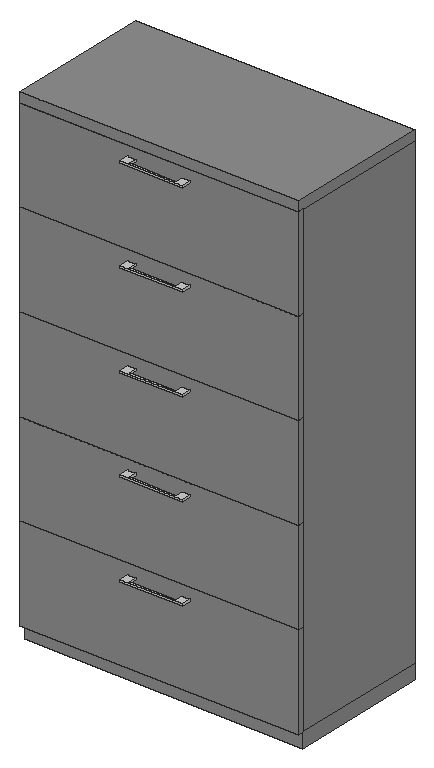
Revit family "Haworth_XSeries_LateralFile", category Furniture Systems, Revit 2018
Family settings
  Round Connector Dimension = Use Diameter
  Part Type = Normal
  OmniClass Number = 23.40.70.14.64.21
  OmniClass Title = Systems Furniture
  Work Plane-Based = No
  Always vertical = Yes
  Cut with Voids When Loaded = No
  Shared = No
  Room Calculation Point = No
Parameters (values of type "18d 36w 63h - Proud Style - Standard Drawer")
  Width = 36"
  Warranty = "http://www.haworth.com/resources/product-info/warranties"
  URL - Product = "https://www.haworth.com/na/en/products/active-storage/x-series.html"
  URL = "http://www.haworth.com/"
  Two High = and(Actual # of Drawers = 2, not(One and One Half High))  # no
  Taper Pull = no
  Swing Doors_5 High Only = no
  Swing Door Width = Drawer Width / 2  # 17 15/16"
  Swing Door = and(Swing Doors_5 High Only, # of Drawers > 4)  # no
  Sustainability Info = "https://www.haworth.com/na/en/expertise/sustainability.html"
  Sliding Doors_5 High Only = no
  Sliding Door = and(Sliding Doors_5 High Only, # of Drawers > 4)  # no
  Size = "Verify Final Dim. w/ Haworth"  # constant formula
  Second Drawer Height = if(not(Drawer 5), (Cabinet Height - 1 1/4" - 1 7/8") / (Actual # of Drawers + 1), if(One and One Half High Actual, 6", (Cabinet Height - 1 1/4" - 1 7/8") / (Actual # of Drawers)))  # 12.075"
  Revision Number = "5"  # constant formula
  Receding Doors_5 High Only = no
  Receding Door = and(Receding Doors_5 High Only, # of Drawers > 4)  # no
  Radius Pull = no
  Pull Finish = Haworth _ Metal _ Brushed Aluminum
  Pull Classic = no
  Proud Style = not(Inset Style)  # yes
  Proud Offset = if(Proud Style, 3/4", 0")  # 3/4"
  One and One Half High Actual = and(# of Drawers = 2, One and One Half High)  # no
  One and One Half High = no
  Model = "JLRD"  # constant formula
  Min. Width = 29 7/8"  # constant formula
  Max. Width = 47 7/8"  # constant formula
  Min. Height = 27 1/2"  # constant formula
  Max. Height = 63 1/2"  # constant formula
  Manufacturer = "Haworth"  # constant formula
  Lockbar Finish [instance] = Haworth _ Paint _ Graphite
  Linear Pull = yes
  J Pull = no
  Integral Pull = no
  Inset Style = no
  Front Finish [instance] = Haworth _ Paint _ Graphite
  Ellipse Pull = not(or(Taper Pull, Radius Pull, Linear Pull, Crescent Pull, Pull Classic, J Pull, Integral Pull))  # no
  Drawer Width = if(Proud Style, Actual Width, Actual Width - 1 1/2")  # 35 7/8"
  Drawer Height = if(not(Drawer 5), (Cabinet Height - 1 1/4" - 1 7/8") / (Actual # of Drawers + 1), if(One and One Half High Actual, 12 3/16", (Cabinet Height - 1 1/4" - 1 7/8") / (Actual # of Drawers)))  # 12.075"
  Drawer 5 = not(and(or(Swing Doors_5 High Only, Sliding Doors_5 High Only, Receding Doors_5 High Only), # of Drawers > 4))  # yes
  Drawer 4 = Actual # of Drawers > 3  # yes
  Drawer 3 = Actual # of Drawers > 2  # yes
  Description = "Haworth XSeries Lateral File"  # constant formula
  Custom Size = not(or(Width = 30", Width = 36", Width = 42"))  # no
  Crescent Pull = no
  Cabinet Height = if(Two High, 27 1/2", if(One and One Half High Actual, 21 1/2", if(Actual # of Drawers = 3, 39 1/2", if(and(# of Drawers > 4, not(Drawer 5)), 63 1/2", if(Actual # of Drawers = 4, 51 1/2", 63 1/2")))))  # 63 1/2"
  Cabinet Finish [instance] = Haworth _ Paint _ Graphite
  Author = "Haworth (Hampton), SHAPE Environments, LLC"  # constant formula
  Assembly Code = "E2020200"
  Actual Width = if(Width < Min. Width, Min. Width, if(Width > Max. Width, Max. Width, Width - 1/8"))  # 35 7/8"
  Actual Height = Cabinet Height  # 63 1/2"
  Actual # of Drawers = if(# of Drawers < 2, 2, if(and(# of Drawers > 4, not(Drawer 5)), 4, if(# of Drawers > 5, 5, # of Drawers)))  # 5
  Actual Depth = if(Inset Style, 18", 18 3/4")  # 18 3/4"
  Standard Widths = "30, 36, 42 in."  # constant formula
  Max # of Drawers = 5  # constant formula
  # of Drawers = 5
Types (11): name | Two High | Swing Doors_5 High Only | Swing Door Width | Swing Door | Sliding Doors_5 High Only | Sliding Door | Second Drawer Height | Receding Doors_5 High Only | Receding Door | Proud Style | Proud Offset | Inset Style | Drawer Width | Drawer Height | Drawer 5 | Drawer 4 | Drawer 3 | Cabinet Height | Actual Height | Actual # of Drawers | Actual Depth | # of Drawers
  18d 36w 51h - Inset Style | no | no | 17 3/16" | no | no | no | 12 3/32" | no | no | no | 0" | yes | 34 3/8" | 12 3/32" | yes | yes | yes | 51 1/2" | 51 1/2" | 4 | 18" | 4
  18d 36w 39h - Inset Style | no | no | 17 3/16" | no | no | no | 12 1/8" | no | no | no | 0" | yes | 34 3/8" | 12 1/8" | yes | no | yes | 39 1/2" | 39 1/2" | 3 | 18" | 3
  18d 36w 27h - Inset Style | yes | no | 17 3/16" | no | no | no | 12 3/16" | no | no | no | 0" | yes | 34 3/8" | 12 3/16" | yes | no | no | 27 1/2" | 27 1/2" | 2 | 18" | 2
  18d 36w 63h - Inset Style - Standard Drawer | no | no | 17 3/16" | no | no | no | 12.075" | no | no | no | 0" | yes | 34 3/8" | 12.075" | yes | yes | yes | 63 1/2" | 63 1/2" | 5 | 18" | 5
  18d 36w 63h - Inset Style - Receding Door | no | no | 17 3/16" | no | no | no | 12.075" | yes | yes | no | 0" | yes | 34 3/8" | 12.075" | no | yes | yes | 63 1/2" | 63 1/2" | 4 | 18" | 5
  18d 36w 63h - Inset Style - Sliding Doors | no | no | 17 3/16" | no | yes | yes | 12.075" | no | no | no | 0" | yes | 34 3/8" | 12.075" | no | yes | yes | 63 1/2" | 63 1/2" | 4 | 18" | 5
  18d 36w 27h - Proud Style | yes | no | 17 15/16" | no | no | no | 12 3/16" | no | no | yes | 3/4" | no | 35 7/8" | 12 3/16" | yes | no | no | 27 1/2" | 27 1/2" | 2 | 18 3/4" | 2
  18d 36w 39h - Proud Style | no | no | 17 15/16" | no | no | no | 12 1/8" | no | no | yes | 3/4" | no | 35 7/8" | 12 1/8" | yes | no | yes | 39 1/2" | 39 1/2" | 3 | 18 3/4" | 3
  18d 36w 51h - Proud Style | no | no | 17 15/16" | no | no | no | 12 3/32" | no | no | yes | 3/4" | no | 35 7/8" | 12 3/32" | yes | yes | yes | 51 1/2" | 51 1/2" | 4 | 18 3/4" | 4
  18d 36w 63h - Proud Style - Standard Drawer | no | no | 17 15/16" | no | no | no | 12.075" | no | no | yes | 3/4" | no | 35 7/8" | 12.075" | yes | yes | yes | 63 1/2" | 63 1/2" | 5 | 18 3/4" | 5
  18d 36w 63h - Proud Style - Hinged Doors | no | yes | 17 15/16" | yes | no | no | 12.075" | no | no | yes | 3/4" | no | 35 7/8" | 12.075" | no | yes | yes | 63 1/2" | 63 1/2" | 4 | 18 3/4" | 5
Reference planes (in)
  plane 1 "Back": y = 0
  plane 2: z = 0
  plane 3 "Center L/R": x = 0
  plane 4 "Left": x = -17.9375
  plane 5 "Right": x = 17.9375
  plane 6 "Back of Drawer": y = -18
  plane 7 "Front": y = -18.75
  plane 8 "Top": z = 63.5
  plane 9 "Bottom of Top": z = 62.25
  plane 10 "Bottom of Cabinet": z = 0
  plane 11 "feet back": y = -0.75
  plane 12 "feet front": y = -16
  plane 13 "Feet Right": x = 15.9375
  plane 14 "Feet Left": x = -15.9375
  plane 15 "Bottom Drawer": z = 1.875
  plane 16 "Left Inside": x = -17.1875
  plane 17 "Right Inside": x = 17.1875
  plane 18: y = -18
  plane 19 "Center F/B": y = -9
Forms (in)
  Extrusion 1, solid, material "Haworth _ Paint _ Graphite" <- "Cabinet Finish"
    sketch origin (114.68227, -6.06265, 0) x (1, 0, 0) y (0, 1, 0)
      loop
        line (-132.61977, 6.06265) -> (-132.61977, -11.93735) -> (-131.86977, -11.93735) -> (-131.86977, 5.31265) -> (-97.49477, 5.31265) -> (-97.49477, -11.93735) -> (-96.74477, -11.93735) -> (-96.74477, 6.06265) -> (-132.61977, 6.06265)
    from 1.875 to 62.25
  Extrusion 2, solid, material "Haworth _ Paint _ Graphite" <- "Cabinet Finish"
    sketch origin (0, 0, 0) x (1, 0, 0) y (0, 1, 0)
      loop
        line (-17.9375, 0) -> (-17.9375, -18.75) -> (17.9375, -18.75) -> (17.9375, 0) -> (-17.9375, 0)
    from 62.25 to 63.5
  Extrusion 3, solid, material "Haworth _ Paint _ Graphite" <- "Cabinet Finish"
    sketch origin (0, 0, -18.75) x (1, 0, 0) y (0, 1, 0)
      loop
        line (-17.9375, 0) -> (-17.9375, -18) -> (17.9375, -18) -> (17.9375, 0) -> (-17.9375, 0)
    from 18.75 to 20.625
Lines and regions (in)
  Masking region 1
    outline origin (0, 0, 0) x (1, 0, 0) y (0, 1, 0)
      loop
        line (-17.9375, 0) -> (-17.9375, -18.75) -> (17.9375, -18.75) -> (17.9375, 0) -> (-17.9375, 0)
Dimensions and locks (in)
  locked: plane 6 "Back of Drawer" to plane 7 "Front" at 0.75
  "Actual Depth": plane 1 "Back" to plane 7 "Front"
  "Actual Width": plane 4 "Left" to plane 5 "Right"
  locked: plane 8 "Top" to plane 9 "Bottom of Top" at 1.25
  equal spacing: plane 4 "Left", plane 3 "Center L/R", plane 5 "Right"
  locked: plane 13 "Feet Right" to plane 5 "Right" at 2
  locked: plane 4 "Left" to plane 14 "Feet Left" at 2
  locked: plane 12 "feet front" to plane 6 "Back of Drawer" at 2
  locked: plane 1 "Back" to plane 11 "feet back" at 0.75
  locked: plane 15 "Bottom Drawer" to plane 10 "Bottom of Cabinet" at 1.875
  "Actual Height": plane 8 "Top" to level
  "Cabinet Height": plane 8 "Top" to plane 10 "Bottom of Cabinet"
  locked: plane 16 "Left Inside" to plane 4 "Left" at 0.75
  locked: plane 5 "Right" to plane 17 "Right Inside" at 0.75
  "Proud Offset": plane 18 to plane 7 "Front"
  equal spacing: plane 18, plane 19 "Center F/B", plane 1 "Back"
  aligned and locked: plane 1 "Back" to Extrusion 1 sketch curve
  aligned and locked: Extrusion 1 to plane 4 "Left"
  aligned and locked: Extrusion 1 to plane 5 "Right"
  aligned and locked: plane 9 "Bottom of Top" to Extrusion 1
  aligned and locked: plane 4 "Left" to Extrusion 2 sketch curve
  aligned and locked: plane 1 "Back" to Extrusion 2 sketch curve
  aligned and locked: plane 5 "Right" to Extrusion 2 sketch curve
  aligned and locked: plane 7 "Front" to Extrusion 2 sketch curve
  aligned and locked: plane 8 "Top" to Extrusion 2
  aligned and locked: Extrusion 2 to plane 9 "Bottom of Top"
  aligned and locked: plane 3 "Center L/R" to nested 1
  aligned and locked: nested 1 to plane 6 "Back of Drawer"
  aligned and locked: level to plane 2
  aligned and locked: plane 15 "Bottom Drawer" to nested 1
  aligned and locked: plane 5 "Right" to Extrusion 1 sketch curve
  aligned and locked: plane 4 "Left" to Extrusion 1 sketch curve
  aligned and locked: Extrusion 1 sketch curve to plane 18  (x2)
  aligned and locked: Extrusion 1 sketch curve to plane 16 "Left Inside"
  aligned and locked: Extrusion 1 sketch curve to plane 17 "Right Inside"
  aligned and locked: Extrusion 1 to plane 15 "Bottom Drawer"
  aligned and locked: plane 10 "Bottom of Cabinet" to Extrusion 3
  aligned and locked: plane 15 "Bottom Drawer" to Extrusion 3
  aligned and locked: plane 4 "Left" to Extrusion 3 sketch curve
  aligned and locked: plane 5 "Right" to Extrusion 3 sketch curve
  aligned and locked: plane 6 "Back of Drawer" to Extrusion 3 sketch curve
  aligned and locked: plane 1 "Back" to Extrusion 3 sketch curve
  aligned and locked: Masking region 1 sketch curve to Extrusion 2  (x2)
  aligned and locked: Extrusion 2 to Masking region 1 sketch curve
  aligned and locked: nested 1 to nested 2
  aligned and locked: nested 3 to plane 6 "Back of Drawer"
  aligned and locked: plane 9 "Bottom of Top" to nested 3
  aligned: plane 3 "Center L/R" to nested 3
  aligned and locked: nested 3 to plane 3 "Center L/R"
  aligned and locked: nested 4 to plane 9 "Bottom of Top"
  aligned and locked: nested 4 to plane 3 "Center L/R"
  aligned and locked: plane 9 "Bottom of Top" to nested 5
  aligned and locked: plane 3 "Center L/R" to nested 5
  aligned and locked: plane 6 "Back of Drawer" to nested 5
  aligned and locked: plane 3 "Center L/R" to nested 6
  aligned and locked: plane 9 "Bottom of Top" to nested 6
  aligned and locked: Extrusion 1 to plane 11 "feet back"
  aligned and locked: plane 3 "Center L/R" to nested 7
  aligned and locked: plane 3 "Center L/R" to nested 2
  aligned and locked: plane 3 "Center L/R" to nested 8
  aligned and locked: nested 8 to plane 7 "Front"
  aligned and locked: nested 7 to plane 7 "Front"
  aligned and locked: nested 2 to plane 7 "Front"
  aligned and locked: nested 6 to plane 7 "Front"
  aligned and locked: plane 7 "Front" to nested 4
  aligned and locked: plane 3 "Center L/R" to nested 9
  aligned and locked: plane 9 "Bottom of Top" to nested 9
  aligned and locked: nested 9 to plane 7 "Front"
Automatic sketch dimensions
  plane 1 "Back" to Extrusion 1 sketch curve = 3/4"
  plane 1 "Back" to Masking region 1 sketch curve = 0"
Nested families (in)
  nested 1: "Haworth_Drawer" at (0, -18, 1.875), Drawer Height <- "Drawer Height", type "Haworth_Drawer"
    with J Pull Drawer no, Drawer Height 12.075", Pull Linear yes, Pull Height 1 7/16", Pull Ellipse no, Drawer Width 35 7/8"
  nested 2: "Haworth_Drawer" at (0, -18, 13.95), Drawer Height <- "Second Drawer Height", type "Haworth_Drawer 2"
    with J Pull Drawer no, Drawer Height 12.075", Pull Linear yes, Pull Height 1 7/16", Pull Ellipse no, Drawer Width 35 7/8"
  nested 3: "Haworth_Drawer" at (-8.96875, -18, 50.175), Drawer Height <- "Drawer Height", visible <- "Swing Door", type "Swing Doors"
    with J Pull Drawer no, Drawer Height 12.075", Pull Linear yes, Pull Height 1 7/16", Pull Ellipse no, Drawer Width 17 15/16"
  nested 4: "Haworth_Drawer" at (8.96875, -18, 50.175) x (-1, 0, 0) z (0, 0, 1), Drawer Height <- "Drawer Height", visible <- "Swing Door", type "Swing Doors"
    with J Pull Drawer no, Drawer Height 12.075", Pull Linear yes, Pull Height 1 7/16", Pull Ellipse no, Drawer Width 17 15/16"
  nested 5: "Haworth_Storage-Doors" at (-2.20902, -19.25, 50.175), visible <- "Sliding Door", type "Haworth_Storage-Doors"
    with Door Width 18 7/16", Actual Width 35 7/8", Actual Height 12.075"
  nested 6: "Haworth_Drawer-Receding" at (0, -18, 50.175), Drawer Height <- "Second Drawer Height", visible <- "Receding Door", type "Haworth_Drawer"
    with J Pull Drawer no, Drawer Height 12.075", J Pull no, Drawer Width 35 7/8", Flush Drawer yes
  nested 7: "Haworth_Drawer" at (0, -18, 26.025), Drawer Height <- "Drawer Height", visible <- "Drawer 3", type "Haworth_Drawer"
    with J Pull Drawer no, Drawer Height 12.075", Pull Linear yes, Pull Height 1 7/16", Pull Ellipse no, Drawer Width 35 7/8"
  nested 8: "Haworth_Drawer" at (0, -18, 38.1), Drawer Height <- "Drawer Height", visible <- "Drawer 4", type "Haworth_Drawer"
    with J Pull Drawer no, Drawer Height 12.075", Pull Linear yes, Pull Height 1 7/16", Pull Ellipse no, Drawer Width 35 7/8"
  nested 9: "Haworth_Drawer" at (0, -18, 50.175), Drawer Height <- "Drawer Height", visible <- "Drawer 5", type "Haworth_Drawer"
    with J Pull Drawer no, Drawer Height 12.075", Pull Linear yes, Pull Height 1 7/16", Pull Ellipse no, Drawer Width 35 7/8"
Definition of nested family "Haworth_Drawer"
  Parameters
    Pull Taper = no
    Pull Radius = no
    Pull Patterns = no
    Pull Linear = no
    Pull Height = if(Pull Ellipse, 11/64", if(Pull Radius, 1 3/16", if(Pull Taper, 3/4", 1 7/16")))  # 11/64"
    Pull Finish = none
    Pull Ellipse = yes
    Pull Crescent = no
    Pull Classic = no
    J Pull Drawer [instance] = J Pull  # no
    J Pull = no
    Integral Pull Location = if(Integral Pull, 3 5/8", 1")  # 1"
    Integral Pull = no
    Front Finish = none
    Drawer Width = 14 7/8"
    Flush Drawer = not(J Pull)  # yes
    Drawer Height [instance] = 12"
    Drawer Finish = none
    Assembly Code = ""
  Reference planes (in)
    plane 1 "Drawer Back": y = 0
    plane 2: z = 0
    plane 3 "Center L/R": x = 0
    plane 4 "Drawer Front": y = -0.75
    plane 5 "Left": x = -7.4375
    plane 6 "Right": x = 7.4375
    plane 7 "Top": z = 12
    plane 8: y = -4
    plane 9: y = -3
    plane 10 "Integral Top": z = 11.54688
    plane 11 "Pull Location": z = 11.82813
    plane 12 "Integral Bottom": z = 12.10937
  Forms (in)
    Extrusion 1, solid, material <- "Drawer Finish", visible <- "J Pull Drawer"
      sketch origin (-7.4375, 0, 0) x (0, 1, 0) y (0, 0, 1)
        loop
          line (0, 12) -> (-0.25, 12) -> (-0.25, 11.4375) -> (-0.75, 11.4375) -> (-0.75, 0) -> (0, 0) -> (0, 12)
      from 0 to 14.875
    Extrusion 2, solid, material <- "Drawer Finish", visible <- "Flush Drawer"
      sketch origin (-7.4375, 0, 2.25) x (0, 1, 0) y (0, 0, 1)
        loop
          line (0, 9.75) -> (-0.75, 9.75) -> (-0.75, -2.25) -> (0, -2.25) -> (0, 9.75)
      from 0 to 14.875
    Extrusion 3, void
      sketch origin (0, -0.75, 0) x (-1, 0, 0) y (0, 0, 1)
        loop
          line (4, 11.54688) -> (4, 12.10937) -> (-4, 12.10937) -> (-4, 11.54688) -> (4, 11.54688)
      from -3.25 to -2.25
  Cuts and joins
    Extrusion 3 cuts Extrusion 1
    Extrusion 3 cuts Extrusion 2
  Dimensions and locks (in)
    equal spacing: plane 5 "Left", plane 3 "Center L/R", plane 6 "Right"
    "Drawer Width": plane 5 "Left" to plane 6 "Right"
    locked: plane 1 "Drawer Back" to plane 4 "Drawer Front" at 0.75
    "Drawer Height": plane 7 "Top" to level
    locked: plane 8 to plane 1 "Drawer Back" at 4
    "Integral Pull Location": plane 8 to plane 9
    equal spacing: Extrusion 3 sketch curve, plane 3 "Center L/R", Extrusion 3 sketch curve
    locked: Extrusion 3 sketch curve to Extrusion 3 sketch curve at 8
    "Pull Height": plane 7 "Top" to plane 11 "Pull Location"
    equal spacing: plane 12 "Integral Bottom", plane 11 "Pull Location", plane 10 "Integral Top"
    locked: plane 12 "Integral Bottom" to plane 10 "Integral Top" at 0.5625
    aligned and locked: Extrusion 1 sketch curve to plane 1 "Drawer Back"
    aligned and locked: Extrusion 1 sketch curve to plane 2
    aligned and locked: Extrusion 1 sketch curve to plane 4 "Drawer Front"
    aligned and locked: Extrusion 1 to plane 6 "Right"
    aligned and locked: Extrusion 2 to plane 6 "Right"
    aligned and locked: plane 1 "Drawer Back" to Extrusion 2 sketch curve
    aligned and locked: plane 7 "Top" to Extrusion 2 sketch curve
    aligned and locked: level to Extrusion 2 sketch curve
    aligned and locked: Extrusion 2 sketch curve to plane 4 "Drawer Front"
    aligned: plane 7 "Top" to nested 1
    aligned: Extrusion 3 to plane 8
    aligned: plane 9 to Extrusion 3
    aligned and locked: nested 1 to plane 4 "Drawer Front"
    aligned and locked: plane 12 "Integral Bottom" to Extrusion 3 sketch curve
    aligned and locked: nested 1 to plane 11 "Pull Location"
    aligned and locked: plane 3 "Center L/R" to nested 1
    aligned and locked: plane 9 to Extrusion 3
  Automatic sketch dimensions
    Extrusion 1 sketch curve to plane 7 "Top" = 0"
    plane 1 "Drawer Back" to Extrusion 1 sketch curve = 1/4"
    Extrusion 1 sketch curve to Extrusion 1 sketch curve = 9/16"
    Extrusion 3 sketch curve to plane 10 "Integral Top" = 0"
  Nested families (in)
    nested 1: "Haworth_Drawer-Pulls" at (0, -0.75, 11.82813), type "Pull", detail levels medium+fine
      with Linear no, Ellipse yes
  Definition of nested family "Haworth_Drawer-Pulls"
    Parameters
      Taper = no
      Radius = no
      Patterns = no
      Linear = yes
      Handle Finish = none
      Ellipse = no
      Cresent = no
      Classic = no
      Assembly Code = ""
    Reference planes (in)
      plane 1 "Center Front/Back": y = 0
      plane 2: z = 0
      plane 3 "Center Left/Right": x = 0
    Forms (in)
      Extrusion 1, solid, material <- "Handle Finish", visible <- "Ellipse"
        sketch origin (0, 0, 0.15915) x (0, 1, 0) y (0, 0, 1)
          loop
            arc (-0.03015, 0) -> (-0.26713, -0.02983) -> (-0.49038, -0.11475) r 1.00501
            arc (-0.49038, -0.11475) -> (-0.65216, -0.22112) -> (-0.78985, -0.35725) r 0.97894
            arc (-0.78985, -0.35725) -> (-0.87314, -0.47263) -> (-0.94033, -0.59807) r 1.0667
            arc (-0.94033, -0.59807) -> (-0.90977, -0.66145) -> (-0.84562, -0.63254) r 0.05041
            arc (-0.84562, -0.63254) -> (-0.67669, -0.39049) -> (-0.44702, -0.20509) r 1.04885
            arc (-0.44702, -0.20509) -> (-0.35012, -0.16094) -> (-0.24858, -0.12892) r 0.8735
            arc (-0.24858, -0.12892) -> (-0.16053, -0.15188) -> (-0.11419, -0.23018) r 0.11948
            arc (-0.11419, -0.23018) -> (-0.0664, -0.27738) -> (0, -0.26729) r 0.07488
            line (0, -0.26729) -> (0, -0.05102) -> (-0.03015, 0)
        from -6.51863 to 6.51698
      Extrusion 2, void
        sketch origin (0, 0, 0.15915) x (1, 0, 0) y (0, 1, 0)
          loop
            line (-6.49996, 0) -> (-6.67266, 0) -> (-6.67266, -1.11616) -> (6.67266, -1.11616) -> (6.67266, 0) -> (6.49996, 0)
            arc (6.49996, 0) -> (6.46575, -0.17809) -> (6.37201, -0.33332) r 0.51574
            arc (6.37201, -0.33332) -> (6.23583, -0.44508) -> (6.07096, -0.50713) r 0.54076
            arc (6.07096, -0.50713) -> (4.5721, -0.7479) -> (3.05951, -0.87689) r 20.46435
            arc (3.05951, -0.87689) -> (0, -0.95029) -> (-3.05951, -0.87689) r 63.79827
            arc (-3.05951, -0.87689) -> (-4.5721, -0.7479) -> (-6.07096, -0.50713) r 20.46435
            arc (-6.07096, -0.50713) -> (-6.23583, -0.44508) -> (-6.37201, -0.33332) r 0.54076
            arc (-6.37201, -0.33332) -> (-6.46575, -0.17809) -> (-6.49996, 0) r 0.51574
        from 0 to -0.90865
      Blend 3, solid, material <- "Handle Finish", visible <- "Radius"
        base sketch origin (0, 0, 0.3125) x (0, 1, 0) y (0, 0, -1)
          loop
            line (0, 0) -> (0, 0.625) -> (-0.40339, 0.625)
            arc (-0.40339, 0.625) -> (-0.71589, 0.3125) -> (-0.40339, 0) r 0.3125
            line (-0.40339, 0) -> (0, 0)
        top sketch origin (0, 0, 0.3125) x (0, 1, 0) y (0, 0, -1)
          loop
            line (0, 0) -> (0, 0.625) -> (-0.77884, 0.625)
            arc (-0.77884, 0.625) -> (-1.09134, 0.3125) -> (-0.77884, 0) r 0.3125
            line (-0.77884, 0) -> (0, 0)
        from -4.875 to -3.625
      Sweep 4, solid, material <- "Handle Finish", visible <- "Radius"
        path origin (0, 0, 0) x (1, 0, 0) y (0, 1, 0)
          loop
            arc (-4.875, -0.71589) -> (0, -1.5425) -> (4.875, -0.71589) r 14.78881
        profile origin (0, -1.5425, 0) x (0, 1, 0) y (0, 0, 1)
          loop
            circle (0.3125, 0) r 0.30469
      Extrusion 5, solid, material <- "Handle Finish", visible <- "Taper"
        sketch origin (0, 0, 0.27281) x (0, 1, 0) y (0, 0, 1)
          loop
            line (0, 0) -> (-0.875, 0)
            arc (-0.875, 0) -> (-0.96339, -0.03661) -> (-1, -0.125) r 0.125
            line (-1, -0.125) -> (-1, -0.7) -> (-0.96886, -0.7) -> (-0.96886, -0.1251)
            arc (-0.96886, -0.1251) -> (-0.94137, -0.05874) -> (-0.875, -0.03125) r 0.09386
            line (-0.875, -0.03125) -> (-0.03125, -0.03125) -> (-0.03125, -0.53) -> (0, -0.53) -> (0, 0)
        from -6.5565 to 6.5565
      Extrusion 6, void
        sketch origin (0, 0, 0.27281) x (1, 0, 0) y (0, 0, 1)
          loop
            arc (-5.23353, -0.7191) -> (-5.99714, -0.52453) -> (-6.57454, 0.01172) r 1.59575
            line (-6.57454, 0.01172) -> (-6.85981, 0.01172) -> (-6.85981, -1) -> (6.85981, -1) -> (6.85981, 0.01172) -> (6.57454, 0.01172)
            arc (6.57454, 0.01172) -> (5.99714, -0.52453) -> (5.23353, -0.7191) r 1.59575
            line (5.23353, -0.7191) -> (-5.23353, -0.7191)
        from 0 to 2.20115
      Sweep 7, solid, material <- "Handle Finish", visible <- "Cresent"
        path origin (0, 0, 0.125) x (1, 0, 0) y (0, 1, 0)
          loop
            arc (-3.80272, 0.04) -> (0, -1.24998) -> (3.80273, 0.04) r 6.25
        profile origin (0, -1.24998, 0.125) x (0, 1, 0) y (0, 0, 1)
          loop
            circle (0.125, -0.125) r 0.125
      Extrusion 8, void
        sketch origin (0, 0, 0.125) x (1, 0, 0) y (0, 1, 0)
          loop
            line (-3.94545, 0) -> (3.94399, 0) -> (3.94399, 0.32073) -> (-3.94545, 0.32073) -> (-3.94545, 0)
        from 0.03472 to -0.28458
      Extrusion 9, solid, material <- "Handle Finish", visible <- "Linear"
        sketch origin (0, 0, 0.125) x (1, 0, 0) y (0, 1, 0)
          loop
            line (-4, 0) -> (-4, -1.25) -> (4, -1.25) -> (4, 0) -> (3, 0) -> (3, -1) -> (-3, -1) -> (-3, 0) -> (-4, 0)
        from 0 to -0.25
      Extrusion 10, solid, material <- "Handle Finish", visible <- "Classic"
        sketch origin (0, 0, 0.375) x (1, 0, 0) y (0, 0, 1)
          loop
            line (-3.375, 0) -> (-3.375, -0.75)
            arc (-3.375, -0.75) -> (-3, -0.375) -> (-3.375, 0) r 0.375
        from 0 to 1
      Extrusion 11, solid, material <- "Handle Finish", visible <- "Classic"
        sketch origin (0, 0, 0.375) x (-1, 0, 0) y (0, 0, -1)
          loop
            arc (-3.375, 0) -> (-3, 0.375) -> (-3.375, 0.75) r 0.375
            line (-3.375, 0.75) -> (-3.375, 0)
        from 0 to 1
      Extrusion 12, solid, material <- "Handle Finish", visible <- "Classic"
        sketch origin (0, 0, 0.375) x (1, 0, 0) y (0, 0, 1)
          loop
            line (-3.375, 0) -> (-3.375, -0.75) -> (3.375, -0.75) -> (3.375, 0) -> (-3.375, 0)
        from 1 to 1.25
      Blend 13, solid, material <- "Handle Finish", visible <- "Radius"
        base sketch origin (0, 0, 0.3125) x (0, 1, 0) y (0, 0, 1)
          loop
            line (0, 0) -> (-0.40339, 0)
            arc (-0.40339, 0) -> (-0.71589, -0.3125) -> (-0.40339, -0.625) r 0.3125
            line (-0.40339, -0.625) -> (0, -0.625) -> (0, 0)
        top sketch origin (0, 0, 0.3125) x (0, 1, 0) y (0, 0, 1)
          loop
            line (0, 0) -> (-0.77884, 0)
            arc (-0.77884, 0) -> (-1.09134, -0.3125) -> (-0.77884, -0.625) r 0.3125
            line (-0.77884, -0.625) -> (0, -0.625) -> (0, 0)
        from -4.875 to -3.625
      Extrusion 14, solid, material <- "Handle Finish", visible <- "Patterns"
        sketch origin (0, 0, 0.27281) x (0, 1, 0) y (0, 0, 1)
          loop
            line (0, 0) -> (-0.875, 0)
            arc (-0.875, 0) -> (-0.96339, -0.03661) -> (-1, -0.125) r 0.125
            line (-1, -0.125) -> (-1, -0.7) -> (-0.96886, -0.7) -> (-0.96886, -0.1251)
            arc (-0.96886, -0.1251) -> (-0.94137, -0.05874) -> (-0.875, -0.03125) r 0.09386
            line (-0.875, -0.03125) -> (-0.03125, -0.03125) -> (-0.03125, -0.53) -> (0, -0.53) -> (0, 0)
        from -4 to 4
    Cuts and joins
      Extrusion 2 cuts Extrusion 1
      joined: Extrusion 10, Extrusion 11, Extrusion 12
      Extrusion 6 cuts Extrusion 5
      Extrusion 8 cuts Sweep 7
      joined: Blend 3, Sweep 4, Blend 13
Definition of nested family "Haworth_Storage-Doors"
  Parameters
    Width = 0"
    Warranty = ""
    Sliding Door = yes
    URL - Product = ""
    URL = "www.haworth.com"
    Sustainability Info = ""
    Size = "Verify Final Dim. w/ Haworth"  # constant formula
    Revision Number = ""
    Pull Location = 2"
    Pull Finish = none
    Panel Thickness = 1"
    Overlap = 1"
    OmniClass Number = ""
    Min/Max Width = ""
    Min/Max Height = ""
    Min. Width = 0"
    Max. Width = 0"
    Min. Height = 0"
    Max. Height = 0"
    Material Options = ""
    Manufacturer = "Haworth"  # constant formula
    LEED Data = ""
    Height = 0"
    Flip Door = no
    Door Width = ((Actual Width) / 2) + (Overlap / 2)  # 26 1/2"
    Door Finish = none
    Author = "SHAPE Environments, LLC"  # constant formula
    Assembly Code = ""
    Actual Width = 52"
    Actual Height = 8"
  Reference planes (in)
    plane 1 "Center F/B": y = 0
    plane 2: z = 0
    plane 3 "Center L/R": x = 2.20902
    plane 4 "Bottom": z = 0
    plane 5 "Top": z = 8
    plane 6 "Left": x = -23.79098
    plane 7 "Right": x = 28.20902
    plane 8 "Left Pull": x = -21.79098
    plane 9 "Right Panel Left Limit": x = 1.70902
    plane 10 "Left Panel Right Limit": x = 2.70902
    plane 11 "Right Pull": x = 26.20902
    plane 12 "Outer Top": z = 9
    plane 13 "Outer Bottom": z = -1
    plane 14 "Outer Left": x = -24.79098
    plane 15 "Outer Right": x = 29.20902
    plane 16 "RearSlidingSurface": y = 1
    plane 17 "Handle Center": z = 4
    plane 18 "FrontSlidingSurface": y = 0.75
  Forms (in)
    Extrusion 1, solid, material <- "Door Finish", visible <- "Sliding Door"
      sketch origin (-5.83785, 0.25, -31.75) x (-1, 0, 0) y (0, 0, 1)
        loop
          line (-7.54688, 39.75) -> (-34.04688, 39.75) -> (-34.04688, 31.75) -> (-7.54688, 31.75) -> (-7.54688, 39.75)
      from 1 to 0.75
    Extrusion 2, solid, material <- "Door Finish", visible <- "Sliding Door"
      sketch origin (-19.83785, 0.25, -31.75) x (-1, 0, 0) y (0, 0, 1)
        loop
          line (3.95312, 39.75) -> (-22.54687, 39.75) -> (-22.54687, 31.75) -> (3.95312, 31.75) -> (3.95312, 39.75)
      from 0.5 to 0.75
    Extrusion 3, solid, material <- "Door Finish", visible <- "Flip Door"
      sketch origin (0, 0, 0) x (1, 0, 0) y (0, 0, 1)
        loop
          line (-24.79098, 9) -> (-24.79098, -1) -> (29.20902, -1) -> (29.20902, 9) -> (-24.79098, 9)
      from 0 to 1
  Dimensions and locks (in)
    "Actual Width": plane 7 "Right" to plane 6 "Left"
    equal spacing: plane 7 "Right", plane 3 "Center L/R", plane 6 "Left"
    "Actual Height": plane 5 "Top" to plane 4 "Bottom"
    "Pull Location": plane 8 "Left Pull" to plane 6 "Left"
    "Pull Location": plane 7 "Right" to plane 11 "Right Pull"
    "Panel Thickness": plane 12 "Outer Top" to plane 5 "Top"
    "Panel Thickness": level to plane 13 "Outer Bottom"
    "Panel Thickness": plane 6 "Left" to plane 14 "Outer Left"
    "Panel Thickness": plane 15 "Outer Right" to plane 7 "Right"
    locked: plane 1 "Center F/B" to plane 16 "RearSlidingSurface" at 1
    equal spacing: plane 5 "Top", plane 17 "Handle Center", level
    "Door Width": plane 6 "Left" to plane 10 "Left Panel Right Limit"
    "Door Width": plane 9 "Right Panel Left Limit" to plane 7 "Right"
    plane 9 "Right Panel Left Limit" to plane 10 "Left Panel Right Limit" = 1"
    locked: plane 18 "FrontSlidingSurface" to plane 16 "RearSlidingSurface" at 0.25
    aligned and locked: plane 5 "Top" to Extrusion 2
    aligned and locked: Extrusion 2 to plane 4 "Bottom"
    aligned and locked: plane 5 "Top" to Extrusion 1
    aligned and locked: Extrusion 1 to plane 4 "Bottom"
    aligned and locked: plane 10 "Left Panel Right Limit" to Extrusion 2
    aligned and locked: Extrusion 1 to plane 9 "Right Panel Left Limit"
    aligned and locked: plane 14 "Outer Left" to Extrusion 3 sketch curve
    aligned and locked: Extrusion 3 sketch curve to plane 12 "Outer Top"
    aligned and locked: plane 13 "Outer Bottom" to Extrusion 3 sketch curve
    aligned and locked: Extrusion 3 sketch curve to plane 15 "Outer Right"
    aligned and locked: plane 8 "Left Pull" to nested 1
    aligned and locked: plane 11 "Right Pull" to nested 2
    aligned: plane 17 "Handle Center" to nested 1
    aligned: plane 16 "RearSlidingSurface" to nested 1
    aligned and locked: plane 16 "RearSlidingSurface" to nested 2
    aligned and locked: plane 18 "FrontSlidingSurface" to nested 1
    aligned and locked: plane 17 "Handle Center" to nested 1
    aligned and locked: plane 17 "Handle Center" to nested 2
  Automatic sketch dimensions
    Extrusion 1 sketch curve to plane 7 "Right" = 0"
    Extrusion 1 sketch curve to plane 3 "Center L/R" = 1/2"
    plane 4 "Bottom" to Extrusion 1 sketch curve = 0"
    Extrusion 1 sketch curve to plane 5 "Top" = 0"
    Extrusion 2 sketch curve to plane 5 "Top" = 0"
    plane 3 "Center L/R" to Extrusion 2 sketch curve = 1/2"
    plane 6 "Left" to Extrusion 2 sketch curve = 0"
    plane 4 "Bottom" to Extrusion 2 sketch curve = 0"
  Nested families (in)
    nested 1: "Haworth_Handle" at (-21.79098, 0.75, 4), visible <- "Sliding Door", type "Haworth_Handle"
      with Handle Length 5 7/8", Door Height 8"
    nested 2: "Haworth_Handle" at (26.20902, 1, 4), visible <- "Sliding Door", type "Haworth_Handle"
      with Handle Length 5 7/8", Door Height 8"
  Definition of nested family "Haworth_Handle"
    Parameters
      Handle Length = Door Height - 2 1/8"  # 11 1/2"
      Handle Finish = none
      Door Height = 13 5/8"
      Assembly Code = ""
    Reference planes (in)
      plane 1 "Center (Front/Back)": y = 0
      plane 2: z = 0
      plane 3 "Center (Left/Right)": x = 0
      plane 4: z = 5.75
      plane 5: z = -5.75
      plane 6: z = 0
    Forms (in)
      Extrusion 1, solid, material <- "Handle Finish"
        sketch origin (0, 0, 0) x (1, 0, 0) y (0, 1, 0)
          loop
            line (-0.125, -0.5) -> (0.125, -0.5) -> (0.1875, 0) -> (-0.1875, 0) -> (-0.125, -0.5)
        from -5.75 to 5.75
    Dimensions and locks (in)
      equal spacing: plane 4, level, plane 5
      "Handle Length": plane 4 to plane 5
      aligned and locked: plane 4 to Extrusion 1
      aligned and locked: Extrusion 1 to plane 5
      aligned and locked: level to plane 6
    Automatic sketch dimensions
      plane 1 "Center (Front/Back)" to Extrusion 1 sketch curve = 0"
      Extrusion 1 sketch curve to plane 3 "Center (Left/Right)" = 3/16"
      Extrusion 1 sketch curve to plane 3 "Center (Left/Right)" = 1/8"
      plane 3 "Center (Left/Right)" to Extrusion 1 sketch curve = 1/8"
      plane 3 "Center (Left/Right)" to Extrusion 1 sketch curve = 3/16"
      plane 1 "Center (Front/Back)" to Extrusion 1 sketch curve = 1/2"
Definition of nested family "Haworth_Drawer-Receding"
  Parameters
    Pull Height = 1 7/16"
    Pull Finish = none
    J Pull Drawer [instance] = J Pull  # yes
    J Pull = yes
    Integral Pull Location = if(Integral Pull, 3 5/8", 1")  # 1"
    Integral Pull = no
    Front Finish = none
    Drawer Width = 28 3/8"
    Flush Drawer = not(J Pull)  # no
    Drawer Height [instance] = 12"
    Drawer Finish = none
    Assembly Code = ""
  Reference planes (in)
    plane 1 "Drawer Back": y = 0
    plane 2: z = 0
    plane 3 "Center L/R": x = 0
    plane 4 "Drawer Front": y = -0.75
    plane 5 "Left": x = -14.1875
    plane 6 "Right": x = 14.1875
    plane 7 "Top": z = 12
    plane 8: y = -4
    plane 9: y = -3
    plane 10 "Integral Top": z = 1.15625
    plane 11 "Pull Location": z = 1.4375
    plane 12 "Integral Bottom": z = 1.71875
  Forms (in)
    Extrusion 1, solid, material <- "Drawer Finish", visible <- "J Pull Drawer"
      sketch origin (-14.1875, 0, 0) x (0, 1, 0) y (0, 0, 1)
        loop
          line (0, 0) -> (0, 12) -> (-0.75, 12) -> (-0.75, 0.5625) -> (-0.25, 0.5625) -> (-0.25, 0) -> (0, 0)
      from 0 to 28.375
    Extrusion 2, solid, material <- "Drawer Finish", visible <- "Flush Drawer"
      sketch origin (-14.1875, 0, 2.25) x (0, 1, 0) y (0, 0, 1)
        loop
          line (0, 9.75) -> (-0.75, 9.75) -> (-0.75, -2.25) -> (0, -2.25) -> (0, 9.75)
      from 0 to 28.375
    Extrusion 3, void
      sketch origin (0, -0.75, 0) x (-1, 0, 0) y (0, 0, 1)
        loop
          line (4, 1.15625) -> (4, 1.71875) -> (-4, 1.71875) -> (-4, 1.15625) -> (4, 1.15625)
      from -3.25 to -2.25
  Cuts and joins
    Extrusion 3 cuts Extrusion 1
    Extrusion 3 cuts Extrusion 2
  Dimensions and locks (in)
    equal spacing: plane 5 "Left", plane 3 "Center L/R", plane 6 "Right"
    "Drawer Width": plane 5 "Left" to plane 6 "Right"
    locked: plane 1 "Drawer Back" to plane 4 "Drawer Front" at 0.75
    "Drawer Height": plane 7 "Top" to level
    locked: plane 8 to plane 1 "Drawer Back" at 4
    "Integral Pull Location": plane 8 to plane 9
    equal spacing: Extrusion 3 sketch curve, plane 3 "Center L/R", Extrusion 3 sketch curve
    locked: Extrusion 3 sketch curve to Extrusion 3 sketch curve at 8
    "Pull Height": plane 11 "Pull Location" to level
    equal spacing: plane 12 "Integral Bottom", plane 11 "Pull Location", plane 10 "Integral Top"
    locked: plane 12 "Integral Bottom" to plane 10 "Integral Top" at 0.5625
    aligned and locked: Extrusion 1 to plane 6 "Right"
    aligned and locked: Extrusion 2 to plane 6 "Right"
    aligned and locked: plane 1 "Drawer Back" to Extrusion 2 sketch curve
    aligned and locked: plane 7 "Top" to Extrusion 2 sketch curve
    aligned and locked: level to Extrusion 2 sketch curve
    aligned and locked: Extrusion 2 sketch curve to plane 4 "Drawer Front"
    aligned: Extrusion 3 to plane 8
    aligned: plane 9 to Extrusion 3
    aligned and locked: plane 12 "Integral Bottom" to Extrusion 3 sketch curve
    aligned and locked: plane 9 to Extrusion 3
  Automatic sketch dimensions
    Extrusion 3 sketch curve to plane 10 "Integral Top" = 0"
    Extrusion 1 sketch curve to plane 4 "Drawer Front" = 0"
    Extrusion 1 sketch curve to level = 0"
    Extrusion 1 sketch curve to plane 1 "Drawer Back" = 0"
    Extrusion 1 sketch curve to plane 7 "Top" = 0"
    plane 1 "Drawer Back" to Extrusion 1 sketch curve = 1/4"
    level to Extrusion 1 sketch curve = 9/16"
